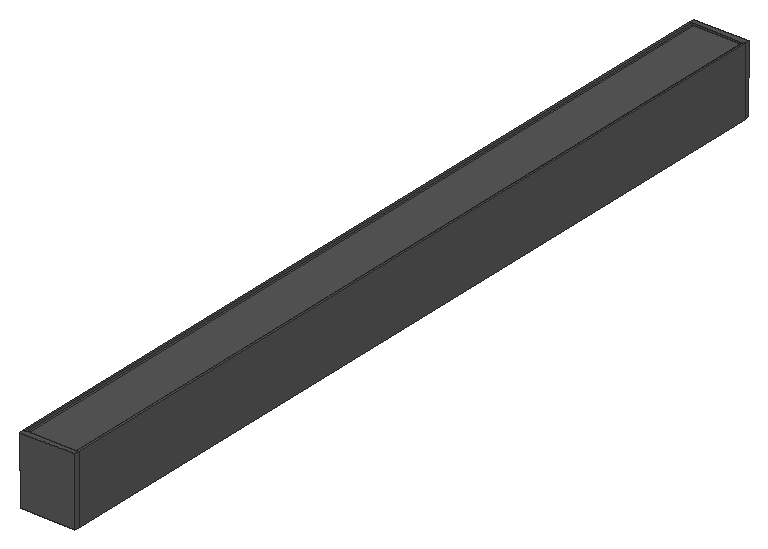
Revit family "EOS3.0-S-D", category Lighting Fixtures, host Face, Revit 2018
Family settings
  Host = Face
  Round Connector Dimension = Use Diameter
  Part Type = Normal
  Cut with Voids When Loaded = No
  Light Source = Yes
  Shared = Yes
  Room Calculation Point = Yes
Parameters (values of type "4' Direct")
  Wattage = 17.6471 W
  built-in parameter 1150110 = 1 (stored number, unit not read)
  Voltage = 0 V
  Type Comments = "LUX ILLUMINAIRE"
  built-in parameter 1114217 = 1 (stored number, unit not read)
  Tilt Angle = 90.00°
  built-in parameter 1150109 = 1 (stored number, unit not read)
  built-in parameter 1150134 = 12
  Switch Leg Visibility = no
  Switch Leg [instance] = ""
  built-in parameter 1150113 = 1 (stored number, unit not read)
  Photometric Web File = "EOS 3.0-S-D 375 4 40K 8.ies"
  Material [instance] = LUX ILLUMINAIRE Black
  Manufacturer = ""
  built-in parameter 1150105 = 119.37 (stored number, unit not read)
  Lumens = 1500 lm
  built-in parameter 1150115 = 1 (stored number, unit not read)
  built-in parameter 1150137 = (empty or 0)
  built-in parameter 1150139 = (empty or 0)
  built-in parameter 1150112 = 1 (stored number, unit not read)
  built-in parameter 1150114 = 1 (stored number, unit not read)
  Lamp = "LED"
  built-in parameter 1150132 = 2
  built-in parameter 1150102 = (empty or 0)
  built-in parameter 1150107 = 4000 (stored number, unit not read)
  built-in parameter 1150138 = (empty or 0)
  built-in parameter 1150106 = 1.1937 (stored number, unit not read)
  Fixture Width = 0' - 3 19/128"  # constant formula
  Fixture Symbol Visiblity = yes
  Fixture Length = 4' - 0"
  Emit from Rectangle Width = Fixture Width - 0' 0 1/4"  # 0' - 2 115/128"
  Emit from Rectangle Length = Fixture Length  # 4' - 0"
  Emit Shape Visible in Rendering = yes
  Emergency Lighting [instance] = no
  built-in parameter 1150104 = 7.8968 (stored number, unit not read)
  Dimming Lamp Color Temperature Shift = <None>
  Default Elevation = 4' - 0"
  Color Filter = 16777215
  built-in parameter 1140040 [instance] = 1
  built-in parameter 1114218 = 1 (stored number, unit not read)
  built-in parameter 1150133 = 10 (stored number, unit not read)
  Apparent Load = 14.6 VA
Types (7): name | Wattage | Type Comments | Manufacturer | built-in parameter 1150105 | Lumens | built-in parameter 1150106 | Fixture Length | Emit from Rectangle Length | Apparent Load
  2' Direct | 8.82353 W | 0' - 0" | "LUX ILLUMINAIRE" | 59.683 (stored number, unit not read) | 750 lm | 0.59683 (stored number, unit not read) | 2' - 0" | 2' - 0" | 7.4 VA
  3' Direct | 13.2353 W | "LUX ILLUMINAIRE" | "" | 89.525 (stored number, unit not read) | 1125 lm | 0.89525 (stored number, unit not read) | 3' - 0" | 3' - 0" | 11 VA
  4' Direct | 17.6471 W | "LUX ILLUMINAIRE" | "" | 119.37 (stored number, unit not read) | 1500 lm | 1.1937 (stored number, unit not read) | 4' - 0" | 4' - 0" | 14.6 VA
  5' Direct | 22.0588 W | "LUX ILLUMINAIRE" | "" | 149.21 (stored number, unit not read) | 1875 lm | 1.4921 (stored number, unit not read) | 5' - 0" | 5' - 0" | 18.2 VA
  6' Direct | 26.4706 W | 0' - 0" | "LUX ILLUMINAIRE" | 179.05 (stored number, unit not read) | 2250 lm | 1.7905 (stored number, unit not read) | 6' - 0" | 6' - 0" | 21.9 VA
  7' Direct | 30.8824 W | 0' - 0" | "LUX ILLUMINAIRE" | 208.89 (stored number, unit not read) | 2625 lm | 2.0889 (stored number, unit not read) | 7' - 0" | 7' - 0" | 25.5 VA
  8' Direct | 35.2941 W | 0' - 0" | "LUX ILLUMINAIRE" | 238.73 (stored number, unit not read) | 3000 lm | 2.3873 (stored number, unit not read) | 8' - 0" | 8' - 0" | 29.2 VA
Reference planes (in)
  plane 1 "Center (Front/Back)": y = 0
  plane 2: z = 0
  plane 3 "Center (Left/Right)": x = 0
  plane 4: x = 1.57422
  plane 5: x = -1.57422
  plane 6: y = 24
  plane 7: y = -24
  plane 8: z = 4
  plane 9: y = 24.25
  plane 10: y = -24.25
  plane 11: z = 0.08203
Forms (in)
  Extrusion 1, solid, material "LUX ILLUMINAIRE Black" <- "Material"
    sketch origin (0, 0, -20.03125) x (1, 0, 0) y (0, 0, 1)
      loop
        line (-1.57447, 20.11178) -> (-0.437, 20.11178) -> (0.438, 20.11178) -> (1.57548, 20.11178) -> (1.57548, 24.03125) -> (1.49049, 24.03125) -> (1.49049, 23.91825) -> (1.3385, 23.93622) -> (-1.33792, 23.93622) -> (-1.48948, 23.91825) -> (-1.48948, 24.03125) -> (-1.57447, 24.03125) -> (-1.57447, 20.11178)
    from -24 to 24
  Extrusion 2, solid, material "LUX ILLUMINAIRE Black" <- "Material"
    sketch origin (0, 0, -20.03125) x (1, 0, 0) y (0, 0, 1)
      loop
        line (-1.57447, 24.03125) -> (-1.57447, 20.11178) -> (-0.437, 20.11178) -> (0.438, 20.11178) -> (1.57548, 20.11178) -> (1.57548, 24.03125) -> (-1.57447, 24.03125)
    from 24 to 24.25
  Extrusion 3, solid, not visible
    sketch origin (0, 0, 0) x (1, 0, 0) y (0, 1, 0)
      loop
        circle (0.00029, -24) r 0.1875
    from 0 to 1
  Extrusion 4, solid, not visible
    sketch origin (0, 0, 0) x (1, 0, 0) y (0, 1, 0)
      loop
        circle (0.0005, -24) r 0.03125
    from 1 to 13.33203
  Extrusion 5, solid, not visible
    sketch origin (0, 0, 0) x (1, 0, 0) y (0, 1, 0)
      loop
        circle (0.0005, -24) r 0.18729
    from 13.33203 to 14.08203
  Extrusion 6, solid, material "LUX ILLUMINAIRE Black" <- "Material"
    sketch origin (0.00056, 24, -20.03125) x (1, 0, 0) y (0, 0, -1)
      loop
        line (-1.57478, -24.03125) -> (1.57366, -24.03125) -> (1.57366, -20.11178) -> (0.438, -20.11178) -> (-0.437, -20.11178) -> (-1.57478, -20.11178) -> (-1.57478, -24.03125)
    from 0 to 0.25
Lines and regions (in)
  symbolic lines, visible <- "Fixture Symbol Visiblity"
    curve 1: line (-1.57422, 24, 0) -> (1.57422, 24, 0)
    curve 2: line (-1.57422, -24, 0) -> (-1.57422, 24, 0)
    curve 3: line (1.57422, -24, 0) -> (-1.57422, -24, 0)
    curve 4: line (1.57422, 24, 0) -> (1.57422, -24, 0)
Dimensions and locks (in)
  plane 5 to plane 4 = 0' - 3 19/128"
  equal spacing: plane 7, plane 1 "Center (Front/Back)", plane 6
  "Fixture Length": plane 7 to plane 6
  plane 8 to host face = 0' - 4"
  locked: plane 6 to plane 9 at 0.25
  locked: plane 10 to plane 7 at 0.25
  "Fixture Width": plane 4 to plane 5
  equal spacing: plane 4, plane 3 "Center (Left/Right)", plane 5
  locked: nested 2 to plane 10 at 9.5
  plane 11 to plane 8 = 0' - 3 235/256"
  locked: plane 8 to level at 4
  aligned and locked: plane 2 to host face
  aligned and locked: level to host face
  aligned and locked: Extrusion 6 to plane 5
  aligned and locked: plane 4 to Extrusion 6
  aligned and locked: plane 6 to Extrusion 6
  aligned and locked: Extrusion 1 to plane 6
  aligned and locked: plane 10 to Extrusion 2
  aligned and locked: Extrusion 2 to plane 7
  aligned and locked: plane 7 to Extrusion 1
  aligned and locked: Extrusion 6 to plane 9
  aligned and locked: plane 7 to nested 1
  aligned and locked: plane 6 to curve 1
  aligned and locked: plane 5 to curve 2
  aligned and locked: curve 3 to plane 7
  aligned and locked: curve 4 to plane 4
  aligned and locked: nested 1 to plane 6
  aligned and locked: plane 8 to Extrusion 6
  aligned and locked: plane 8 to Extrusion 2
Automatic sketch dimensions
  host sketch curve to host sketch curve = 8' - 0"  (x2)
  Extrusion 1 sketch curve to plane 5 = 0' - 0.00025"
  plane 5 to Extrusion 1 sketch curve = 0' - 0.08474"  (x2)
  Extrusion 1 sketch curve to plane 8 = 0' - 0.113"  (x2)
  Extrusion 1 sketch curve to plane 8 = 0' - 0.09503"  (x2)
  Extrusion 1 sketch curve to Extrusion 1 sketch curve = 0' - 0.15157"
  Extrusion 1 sketch curve to plane 11 = 0' - 0.0015"
  Extrusion 1 sketch curve to plane 3 "Center (Left/Right)" = 0' - 0.437"
  plane 3 "Center (Left/Right)" to Extrusion 1 sketch curve = 0' - 0.438"
  Extrusion 1 sketch curve to plane 4 = 0' - 0.23572"
  Extrusion 1 sketch curve to plane 4 = 0' - 0.08373"  (x2)
  plane 4 to Extrusion 1 sketch curve = 0' - 0.00126"
  plane 8 to Extrusion 1 sketch curve = 0' - 0"  (x2)
  Extrusion 1 sketch curve to Extrusion 1 sketch curve = 0' - 0"  (x2)
  Extrusion 2 sketch curve to plane 5 = 0' - 0.00025"
  Extrusion 2 sketch curve to plane 11 = 0' - 0.0015"
  Extrusion 2 sketch curve to plane 3 "Center (Left/Right)" = 0' - 0.437"
  plane 3 "Center (Left/Right)" to Extrusion 2 sketch curve = 0' - 0.438"
  plane 4 to Extrusion 2 sketch curve = 0' - 0.00126"
  plane 8 to Extrusion 2 sketch curve = 0' - 0"
  plane 5 to Extrusion 6 sketch curve = 0' - 0"
  Extrusion 6 sketch curve to plane 11 = 0' - 0.0015"
  Extrusion 6 sketch curve to plane 3 "Center (Left/Right)" = 0' - 0.43644"
  plane 3 "Center (Left/Right)" to Extrusion 6 sketch curve = 0' - 0.43856"
  plane 4 to Extrusion 6 sketch curve = 0' - 0"
  plane 8 to Extrusion 6 sketch curve = 0' - 0"
  radius of Extrusion 3 sketch curve = 0' - 0 3/16"
  radius of Extrusion 4 sketch curve = 0' - 0 1/32"
  radius of Extrusion 5 sketch curve = 0' - 0.18729"
Nested families (in)
  nested 1: "Emergency Symbol Rectangle" at (-10.95282, 0, 0) x (0, 1, 0) z (0, 0, 1), visible <- "Emergency Lighting", type "Emergency Symbol Rectangle"
    with Width 0' - 8.65565", Length 4' - 0"
  nested 2: "Switch Leg Annotation" at (9.99627, -14.75, 0) x (0, 1, 0) z (0, 0, 1), visible <- "Switch Leg Visibility", Switch Leg Annotation <- "Switch Leg", type "Switch Leg Annotation"
    with Switch Leg Annotation ""
Connectors (in)
  electrical at (-1.00574, 0, 0.08053), driven by "Apparent Load", driven by "Voltage"
    settings: on Extrusion 1, index 1, voltage 0 V, apparent load 0 VA, apparent load phase1 14.6 VA, apparent load phase2 0 VA, apparent load phase3 0 VA, power factor 1, load classification "Other", number of poles 1, system type 31, power factor state 1, is connector primary yes, connector utility no, sub classification motor no, connector description ""
Definition of nested family "Emergency Symbol Rectangle"
  Parameters (values of type "Emergency Symbol Rectangle")
    Width [instance] = 0' - 8 1/2"
    Length [instance] = 5' - 0"
    Emergency Visibility = no
  Reference planes (in)
    plane 1 "Center (Front/Back)": y = -7.75
    plane 2: z = 0
    plane 3 "Center (Left/Right)": x = -24
    plane 4: x = 24
    plane 5: x = -36
    plane 6: y = -3.5
    plane 7: y = -12
  Lines and regions (in)
    Filled region 1, type "Solid Fill - Black", in view "Ref. Level", detail levels coarse+medium
      outline origin (0, 0.25, 0) x (1, 0, 0) y (0, 1, 0)
        loop
          line (-36, -12.25) -> (24, -12.25) -> (-36, -10.125) -> (-36, -12.25)
  Dimensions and locks (in)
    equal spacing: plane 7, plane 1 "Center (Front/Back)", plane 6
    "Width": plane 7 to plane 6
    "Length": plane 5 to plane 4
    aligned and locked: plane 5 to Filled region 1
  Automatic sketch dimensions
    plane 1 "Center (Front/Back)" to Filled region 1 sketch curve = 0' - 2 1/8"
    Filled region 1 sketch curve to plane 3 "Center (Left/Right)" = 1' - 0"
    Filled region 1 sketch curve to plane 4 = 0' - 0"
    Filled region 1 sketch curve to plane 7 = 0' - 0"
Definition of nested family "Switch Leg Annotation"
  Parameters (values of type "Switch Leg Annotation")
    Switch Leg Annotation [instance] = ""
  Reference planes (in)
    plane 1: y = 0
    plane 2: x = 0
  Text (in)
    label "a" at (0.00527, 0.01239, 0), shows "Switch Leg Annotation"
